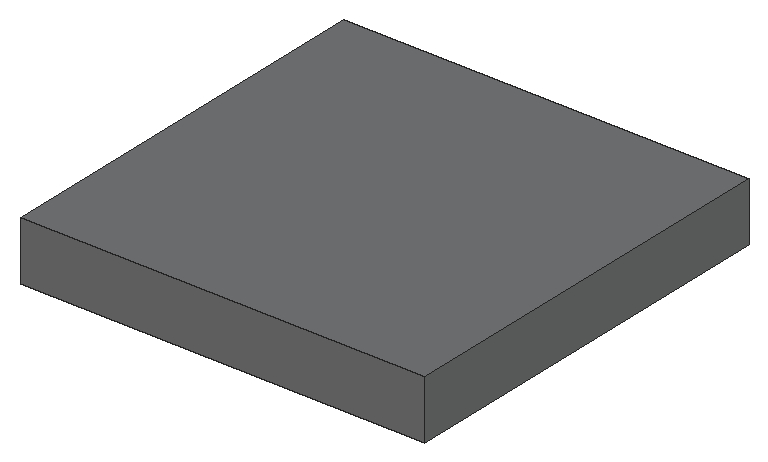
Revit family "Gira_536601", category Electrical Fixtures, host Face, Revit 2017
Family settings
  Host = Face
  Maintain Annotation Orientation = No
  Round Connector Dimension = Use Diameter
  Part Type = Normal
  Cut with Voids When Loaded = No
  Shared = No
  Room Calculation Point = No
Parameters (values of type "S3000 blind timer + timer Display System 55 cr.white")
  With LED indication = "Yes"
  URL = "http://katalog.gira.de/en/datenblatt.html?artikelnr=536601"
  Transparent = "No"
  Suitable for application with venetian shutter switch = "Yes"
  Suitable for application with switch = "No"
  Suitable for application with dimmer = "No"
  Number of actuation points = "4"
  Name = "S3000 blind timer + timer Display System 55 cr.white"
  Manufacturer URL = "https://www.gira.de/"
  Manufacturer = "Gira"
  Keynote = ""
  HeinzeBIM = "https://bimportal.heinze.de/bim/s3000-blind-timer-timer-display-system-55-cr-white/3fc29223a58cf00ca5c68fb651ba5f4be03ae61e"
  HAN = "536601"
  GTIN = "4010337027430"
  Description = "S3000 blind tim. tim.Displ. Sys55 CW,System 3000 blind timer and timer Display,,cream white glossy,Features:,- Operation via capacitive sensor surface.,- Fast programming for adopting the current time as the programmed movement time switching time.,- Automatic summer winter time switchover, deactivatable.,- Switching at sunrise or sunset (astro function) adjustable for 18 countries.,- Astro time for sunrise and sunset can be individually adjusted by +-2 hours.,- The blocking function blocks operation of the auxiliary unit and deactivates automatic mode.,- The display turns off after 2 minutes, permanent display of time is possible.,- Programming of one raising and one lowering time or two switch-on and switch-off times for each day in week segments Mon-Fri and Sat+Sun."
  Default Elevation = 1219.2 mm
  Data sheet (1) = "https://katalog.gira.de/en/download.html?artikelnr=536601"
  Category = "Intelligent control element"
  BIM (1) = "https://media.stage.bim.site/public/gira/36a6b08/Sys55_Abdeckung_Schalten und Tasten.rfa?public/gira/36a6b08/Sys55_Abdeckung_Schalten und Tasten.rfa"
  Available = "No"
  Application = "Control of electrical users"
  Anthrazit [instance] = Anthrazit
Reference planes
  plane 1 "Center (Front/Back)": y = 0
  plane 2: z = 0
  plane 3 "Center (Left/Right)": x = 0
Forms (mm)
  Extrusion 1, solid, material "Anthrazit" <- "Anthrazit", detail levels fine
    sketch origin (0, 0, 0) x (1, 0, 0) y (0, 1, 0)
      loop
        line (-27.5, 27.5) -> (-27.5, -27.5) -> (27.5, -27.5) -> (27.5, 27.5) -> (-27.5, 27.5)
    from 0 to 8
  Extrusion 2, void
    sketch origin (0, 0, 0) x (1, 0, 0) y (0, 1, 0)
      loop
        line (26, 26) -> (-26, 26) -> (-26, -26) -> (26, -26) -> (26, 26)
    from 0 to 6
  Extrusion 3, solid, material "Anthrazit" <- "Anthrazit", detail levels medium
    sketch origin (0, 0, 0) x (1, 0, 0) y (0, 1, 0)
      loop
        line (-27.5, 27.5) -> (-27.5, -27.5) -> (27.5, -27.5) -> (27.5, 27.5) -> (-27.5, 27.5)
    from 0 to 8
  Extrusion 4, solid, material "Anthrazit" <- "Anthrazit", detail levels medium
    sketch origin (0, 0, 0) x (1, 0, 0) y (0, 1, 0)
      loop
        line (11, -17.5) -> (11, 17.5) -> (-11, 17.5) -> (-11, -17.5) -> (11, -17.5)
    from -6 to 6
  Extrusion 5, solid, material "Anthrazit" <- "Anthrazit", detail levels fine
    sketch origin (0, 0, 0) x (1, 0, 0) y (0, 1, 0)
      loop
        line (11, 17.5) -> (-11, 17.5) -> (-11, 16.5) -> (11, 16.5) -> (11, 17.5)
      loop
        line (-11, -16.5) -> (-11, -17.5) -> (11, -17.5) -> (11, -16.5) -> (-11, -16.5)
    from -4 to 6
  Extrusion 6, solid, material "Anthrazit" <- "Anthrazit", detail levels fine
    sketch origin (0, 0, 0) x (1, 0, 0) y (0, 1, 0)
      loop
        arc (5, 9.347) -> (0, 10.6) -> (-5, 9.347) r 10.6
        line (-5, 9.347) -> (-5, -9.347)
        arc (-5, -9.347) -> (0, -10.6) -> (5, -9.347) r 10.6
        line (5, -9.347) -> (5, 9.347)
    from -6 to 6
  Extrusion 7, solid, material "Anthrazit" <- "Anthrazit", detail levels coarse
    sketch origin (0, 0, 0) x (1, 0, 0) y (0, 1, 0)
      loop
        line (-27.5, 27.5) -> (-27.5, -27.5) -> (27.5, -27.5) -> (27.5, 27.5) -> (-27.5, 27.5)
    from -6 to 8
Cuts and joins
  Extrusion 2 cuts Extrusion 1
Dimensions and locks
  aligned and locked: plane 2 to host face
  aligned and locked: level to host face
